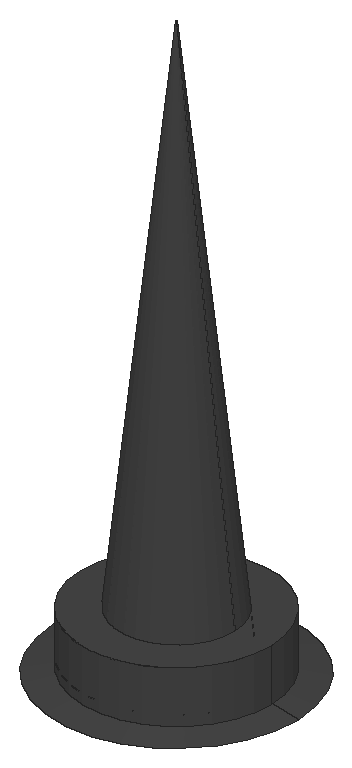
Revit family "Finca Pino", category Vegetación, Revit 2027
Family settings
  Se basa en plano de trabajo = No
  Siempre vertical = Sí
  Corte con vacíos al cargar = No
  Origen de apariencia de renderización = Geometría de familia
  Compartido = No
Parameters
  Elevación por defecto = 0 mm
  Altura = 0 mm
Reference planes
  plane 1 "Centro (Frontal/Posterior)": y = 0
  plane 2: z = 0
  plane 3 "Centro (Izquierda/Derecha)": x = 0
Forms (mm)
  Extrusion 1, solid, material "Finca - Tronco"
    sketch origin (0, 0, 0) x (1, 0, 0) y (0, 1, 0)
      loop
        circle (0, 0) r 25
    from 0 to 17
  Revolve 2, solid, material "Finca - Follaje"
    sketch origin (0, 0, 0) x (0, 0, 1) y (1, 0, 0)
      loop
        line (2, 0) -> (8, 0) -> (2, 32) -> (2, 0)
      axis (2, 0) -> (8, 0)
    angle from 0 to 360
  Revolve 3, solid, material "Finca - Follaje"
    sketch origin (0, 0, 0) x (0, 0, 1) y (1, 0, 0)
      loop
        line (6, 0) -> (12, 0) -> (6, 25) -> (6, 0)
      axis (6, 0) -> (12, 0)
    angle from 0 to 360
  Revolve 4, solid, material "Finca - Follaje"
    sketch origin (0, 0, 0) x (0, 0, 1) y (1, 0, 0)
      loop
        line (10, 0) -> (155, 0) -> (10, 16) -> (10, 0)
      axis (10, 0) -> (155, 0)
    angle from 0 to 360
  Revolve 5, solid, material "Finca - Follaje"
    sketch origin (0, 0, 0) x (0, 0, 1) y (1, 0, 0)
      loop
        line (14, 0) -> (18, 0) -> (14, 9) -> (14, 0)
      axis (14, 0) -> (18, 0)
    angle from 0 to 360
Dimensions and locks
  aligned and locked: level to plane 2
